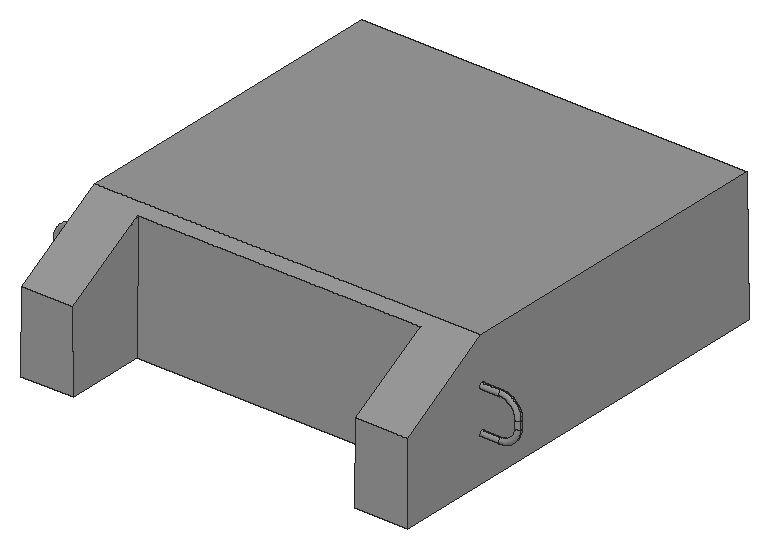
Revit family "Блок упора Б-9а 730x800x250h", category Обобщенные модели, Revit 2023
Family settings
  Может служить основой для арматурных стержней = Нет
  Размер круглого соединителя = Использовать диаметр
  Тип детали = Нормальный
  На основе рабочей плоскости = Нет
  Всегда вертикально = Да
  При загрузке вырезать с полостями = Нет
  Сохранять ориентацию аннотаций = Нет
  Общий = Нет
  Точка принадлежности помещению = Нет
Parameters (values of type "Блок упора Б-9а 730x800x250h")
  ширина_петли = 70 mm
  фаска = 40 mm
  скос передней грани = 1.2 mm
  скос внутренней передней грани = 3 mm
  скос боковой грани = 2 mm
  высота_петли = 70 mm
  Ширина переднего выреза = 530 mm
  Ширина полки = 627 mm
  Толщина низкого края = 150 mm
  Смещение выреза от верха = (ADSK_Размер_Толщина - Толщина низкого края) - ((ADSK_Размер_Толщина - Толщина низкого края) / (ADSK_Размер_Длина - Ширина полки)) * (Глубина переднего выреза + скос внутренней передней грани)  # 11.561 mm
  Отступ петли от края блока = 200 mm
  Отступ петли = 125 mm
  Отметка по умолчанию = 0 mm
  Глубина переднего выреза = 150 mm
  ADSK_Размер_Ширина = 730 mm
  ADSK_Размер_Толщина = 250 mm
  ADSK_Размер_Длина = 800 mm
Reference planes
  plane 1 "По центру (Вперед/Назад)": y = 0
  plane 2: z = 0
  plane 3 "По центру (Влево/Вправо)": x = 0
  plane 4: y = -400
  plane 5: y = 400
  plane 6: z = 250
  plane 7: x = 365
  plane 8: x = -365
  plane 9: z = 150
  plane 10: z = 125
  plane 11: z = 238.439
  plane 12: y = -227
  plane 13: x = -363
  plane 14: x = 363
  plane 15: x = -265
  plane 16: x = 265
  plane 17: y = -398.8
  plane 18: y = -250
  plane 19: x = -267
  plane 20: x = 267
  plane 21: y = -247
Forms (mm)
  Extrusion 1, solid, material "Бетон"
    sketch origin (0, 0, 0) x (0, 1, 0) y (0, 0, 1)
      loop
        line (400, 0) -> (400, 250) -> (-227, 250) -> (-400, 150) -> (-400, 0) -> (400, 0)
    from -365 to 365
  Blend 2, void
    base sketch origin (0, 0, 0) x (1, 0, 0) y (0, 1, 0)
      loop
        line (-265, -400) -> (265, -400) -> (265, -250) -> (-265, -250) -> (-265, -400)
    top sketch origin (0, 0, 0) x (1, 0, 0) y (0, 1, 0)
      loop
        line (-267, -400) -> (267, -400) -> (267, -247) -> (-267, -247) -> (-267, -400)
    from 0 to 238.439
  Extrusion 3, void
    sketch origin (0, 0, 0) x (0, 1, 0) y (0, 0, 1)
      loop
        line (-398.8, 150.694) -> (-400, 150.694) -> (-400, 0) -> (-398.8, 150.694)
    from -365 to 365
  Extrusion 4, void
    sketch origin (0, 0, 0) x (1, 0, 0) y (0, 0, 1)
      loop
        line (-363, 250) -> (-365, 250) -> (-365, 0) -> (-363, 250)
      loop
        line (363, 250) -> (365, 0) -> (365, 250) -> (363, 250)
    from -400 to 400
Cuts and joins
  Blend 2, Extrusion 3, Extrusion 4 cuts Extrusion 1
Dimensions and locks
  equal spacing: plane 4, plane 1 "По центру (Вперед/Назад)", plane 5
  "ADSK_Размер_Длина": plane 4 to plane 5
  "Толщина низкого края": plane 9 to level
  "ADSK_Размер_Толщина": plane 6 to level
  "Отступ петли": plane 10 to level
  "скос боковой грани": plane 8 to plane 13
  "скос боковой грани": plane 14 to plane 7
  "Ширина полки": plane 12 to plane 5
  equal spacing: plane 8, plane 3 "По центру (Влево/Вправо)", plane 7
  "ADSK_Размер_Ширина": plane 8 to plane 7
  equal spacing: plane 15, plane 3 "По центру (Влево/Вправо)", plane 16
  "Ширина переднего выреза": plane 15 to plane 16
  "скос передней грани": plane 4 to plane 17
  "скос боковой грани": plane 19 to plane 15
  "скос боковой грани": plane 16 to plane 20
  "Смещение выреза от верха": plane 6 to plane 11
  "скос внутренней передней грани": plane 18 to plane 21
  "Глубина переднего выреза": plane 4 to plane 18
  aligned and locked: level to plane 2
  aligned and locked: Extrusion 1 sketch curve to plane 5
  aligned and locked: Extrusion 1 sketch curve to level
  aligned and locked: plane 4 to Extrusion 1 sketch curve
  aligned and locked: Extrusion 1 to plane 8
  aligned and locked: plane 7 to Extrusion 1
  aligned and locked: nested 1 to plane 10
  aligned and locked: plane 4 to Blend 2 sketch curve  (x2)
  aligned and locked: Blend 2 sketch curve to plane 15
  aligned and locked: Blend 2 sketch curve to plane 18
  aligned and locked: plane 16 to Blend 2 sketch curve
  aligned and locked: Blend 2 sketch curve to plane 19
  aligned and locked: Blend 2 sketch curve to plane 21
  aligned and locked: plane 20 to Blend 2 sketch curve
  aligned and locked: plane 11 to Blend 2
  aligned and locked: Blend 2 to level
  aligned and locked: Extrusion 3 to plane 8
  aligned and locked: plane 7 to Extrusion 3
  aligned and locked: Extrusion 4 to plane 5
  aligned and locked: plane 4 to Extrusion 4
  aligned and locked: plane 3 "По центру (Влево/Вправо)" to nested 1
  aligned and locked: plane 12 to nested 2
  aligned and locked: nested 3 to plane 12
  aligned and locked: plane 10 to nested 2
  aligned and locked: plane 10 to nested 3
Automatic sketch dimensions
  Extrusion 1 sketch curve to plane 6 = 0 mm
  Extrusion 1 sketch curve to plane 12 = 0 mm
  Extrusion 1 sketch curve to plane 9 = 0 mm
  Extrusion 3 sketch curve to plane 4 = 0 mm
  Extrusion 3 sketch curve to level = 0 mm
  Extrusion 3 sketch curve to plane 17 = 0 mm
  plane 9 to Extrusion 3 sketch curve = 0.694 mm
  Extrusion 4 sketch curve to plane 6 = 0 mm  (x2)
  Extrusion 4 sketch curve to plane 8 = 0 mm
  Extrusion 4 sketch curve to plane 13 = 0 mm
  Extrusion 4 sketch curve to plane 14 = 0 mm
  Extrusion 4 sketch curve to level = 0 mm  (x2)
  Extrusion 4 sketch curve to plane 7 = 0 mm
Nested families
  nested 1: "Строповочная петля" at (0, 400, 125) x (1, 0, 0) z (0, 1, 0), type "Строповочная петля 80x65"
    with ширина_петли 80 mm, Высота_петли 65 mm
  nested 2: "Строповочная петля" at (-364, -227, 125) x (0, 0, 1) z (-1, 0, 0), type "Строповочная петля 80x70"
  nested 3: "Строповочная петля" at (364, -227, 125) x (0, 0, 1) z (1, 0, 0), type "Строповочная петля 80x70"
Definition of nested family "Строповочная петля"
  Parameters (values of type "Строповочная петля")
    ширина_петли = 65 mm
    Default Elevation = 1219.2 mm
    Высота_петли = 75 mm
  Reference planes
    plane 1 "По центру (Вперед/Назад)": y = 0
    plane 2: z = 0
    plane 3 "По центру (Влево/Вправо)": x = 0
    plane 4: z = 75
    plane 5: x = -32.5
    plane 6: x = 32.5
  Forms (mm)
    Sweep 1, solid
      path origin (0, 0, 0) x (1, 0, 0) y (0, 0, 1)
        loop
          line (-32.5, 0) -> (-32.5, 50)
          arc (-32.5, 50) -> (-25.178, 67.678) -> (-7.5, 75) r 25
          line (-7.5, 75) -> (7.5, 75)
          arc (7.5, 75) -> (25.178, 67.678) -> (32.5, 50) r 25
          line (32.5, 50) -> (32.5, 0)
      profile origin (-32.5, 0, 25) x (-1, 0, 0) y (0, -1, 0)
        loop
          circle (0, 0) r 5
  Dimensions and locks
    "Высота_петли": plane 4 to level
    equal spacing: plane 6, plane 3 "По центру (Влево/Вправо)", plane 5
    "ширина_петли": plane 6 to plane 5
    aligned and locked: level to plane 2
    aligned and locked: plane 5 to Sweep 1 sketch curve
    aligned and locked: Sweep 1 sketch curve to plane 4
    aligned and locked: Sweep 1 sketch curve to plane 6
  Automatic sketch dimensions
    Sweep 1 sketch curve to level = 0 mm  (x2)
    plane 3 "По центру (Влево/Вправо)" to Sweep 1 sketch curve = 7.5 mm
    plane 1 "По центру (Вперед/Назад)" to Sweep 1 sketch curve = 0 mm
    Sweep 1 sketch curve to profile plane = 0 mm
    Sweep 1 sketch curve to plane 5 = 0 mm
    Sweep 1 sketch curve to plane 3 "По центру (Влево/Вправо)" = 7.5 mm
    radius of Sweep 1 sketch curve = 5 mm
